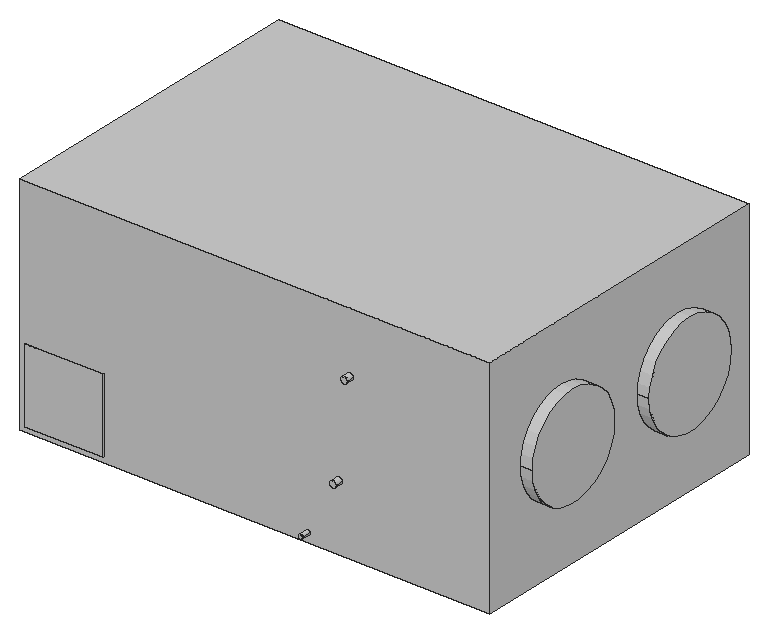
Revit family "BLAUBERG-KOMFORT_EC_DBW_3000", category Mechanical Equipment, Revit 2019
Family settings
  Round Connector Dimension = Use Diameter
  Classification = None
  Part Type = Normal
  OmniClass Number = 23.75.35.14
  OmniClass Title = Air Handling Units
  Work Plane-Based = No
  Always vertical = Yes
  Cut with Voids When Loaded = No
  Shared = No
  Room Calculation Point = No
Parameters (values of type "KOMFORT EC DBW 3000 S21")
  Weight = 268.00 kg
  Plastic Material = Polypropylene Black
  LDrainCon1 = 710 mm
  HeaterSupplyConL = 589 mm
  HeaterSupplyConH = 290 mm
  HeaterReturnConL = 546 mm
  HeaterReturnConH = 590 mm
  Maximum Unit Power = 2226 W
  Maximum Unit Current = 3.5 A
  Heater Pressure Drop [instance] = 0.0 Pa
  Heater Power [instance] = 0 W
  Heater Flow [instance] = 0.0 L/s
  Heater Connection Diameter = 25 mm
  Heat Exchanger Material = "aluminium"
  LDuctCon = 50 mm  # constant formula
  HandleL2 = 509 mm
  HandleL1 = 408 mm
  HandleB = 100 mm
  HDrainCon = 36 mm
  H = 881 mm
  DrainPipe = yes
  DrainD = if(Drain Connection Diameter = 0 mm, 1 mm, Drain Connection Diameter)  # 16 mm
  Drain Flow [instance] = 0.0 L/s
  Drain Connection Diameter = 16 mm
  LDrainCon = 35 mm
  DPS_H = 123 mm
  DPS_B2 = 450 mm
  DPS_B1 = 460 mm
  Bottom Maintenance Zone Height = 600 mm
  B2 = 347 mm
  Air Flow Factor [instance] = 1  # constant formula
  B1 = 347 mm
  Air Flow Exhaust [instance] = 0 m³/h
  L = 1835 mm
  Voltage = 400 V
  URL = "https://blaubergventilatoren.de/en/product/komfort-ec-dbw-3000-s21"
  Type Comments = "Air Handling Unit KOMFORT EC DBW 3000 S21"
  Transported Air Temperature (°C) = "-25…+40"
  Supply Air Filter = "G4"
  Sound Pressure Level at 3 m (dBA) = 46
  SEC Class = "NRVU"
  RPM (min-1) = 3400
  Power Factor = 1
  Power = Maximum Unit Power  # 2226 W
  Number of Poles = 3
  Model = "KOMFORT EC DBW 3000 S21"
  Maximum Air Flow = 4300 m³/h
  Manufacturer = "Blauberg"
  Maintenance Zone Material = Maintenance Zone
  Side Maintenance Zone Height = 850 mm
  Maintenance Zone [instance] = no
  Load Classification = HVAC
  B = 1265 mm
  Heat recovery efficiency (%) = "59..72"
  Heat Exchanger Type = "cross-flow"
  H1 = 427 mm
  Family Version = "1.0"  # constant formula
  Extract Air Filter = "G4"
  Duct Connection Diameter = 400 mm
  Description = "Air Handling Unit"
  D = Duct Connection Diameter  # 400 mm
  Current = Maximum Unit Current  # 3.5 A
  Copyright = "©Blauberg"
  Casing Material = Metal Zinc
  Apparent Power [instance] = Power / Power Factor  # 2226 VA
  Air Flow Supply [instance] = 0 m³/h
Reference planes
  plane 1 "Center (Front/Back)": y = 0
  plane 2: z = 0
  plane 3 "Center (Left/Right)": x = 0
  plane 4 "Back": y = 632.5
  plane 5 "Front": y = -632.5
  plane 6 "L": x = -917.5
  plane 7 "R": x = 917.5
  plane 8 "DuctConB2": y = 285.5
  plane 9 "DuctConB1": y = -285.5
  plane 10: x = -967.5
  plane 11: x = 967.5
  plane 12 "Top": z = 427
  plane 13 "Bottom": z = -454
  plane 14 "DrainConH": z = -418
  plane 15 "DrainConL2": x = 207.5
  plane 16 "S": y = -667.5
  plane 17 "DPS_H": z = -331
  plane 18: y = 667.5
  plane 19 "DPSB1": y = 172.5
  plane 20 "DPSB2": y = -182.5
  plane 21: x = -897.5
  plane 22: x = -592.5
  plane 23: z = -434
  plane 24: z = -144
  plane 25 "HandleL1": x = -509.5
  plane 26 "HandleL2": x = 408.5
  plane 27 "HandleB": y = -532.5
  plane 28 "HeaterSupplyConL": x = 328.5
  plane 29 "HeaterReturnConL": x = 371.5
  plane 30 "HeaterReturnConH": z = 185.265
  plane 31 "HeaterSupplyConH": z = -194.735
Forms (mm)
  Extrusion 1, solid, material "Metal Zinc" <- "Casing Material", detail levels medium+fine
    sketch origin (0, 0, 0) x (1, 0, 0) y (0, 1, 0)
      loop
        line (-917.5, 632.5) -> (-917.5, -632.5) -> (917.5, -632.5) -> (917.5, 632.5) -> (-917.5, 632.5)
    from -454 to 427
  Extrusion 2, solid, material "Metal Zinc" <- "Casing Material", detail levels medium+fine
    sketch origin (-917.5, 0, 0) x (0, 1, 0) y (0, 0, 1)
      loop
        circle (285.5, 0) r 200
      loop
        circle (-285.5, 0) r 200
    from 0 to -50
  Extrusion 3, solid, material "Metal Zinc" <- "Casing Material", detail levels medium+fine
    sketch origin (917.5, 0, 0) x (0, 1, 0) y (0, 0, 1)
      loop
        circle (285.5, 0) r 200
      loop
        circle (-285.5, 0) r 200
    from 0 to 50
  Extrusion 4, solid, material "Metal Zinc" <- "Casing Material", visible <- "DrainPipe", detail levels medium+fine
    sketch origin (0, -632.5, 0) x (-1, 0, 0) y (0, 0, 1)
      loop
        circle (-207.5, -418) r 8
    from 0 to -35
  Extrusion 5, solid, material "Metal Zinc" <- "Casing Material", visible <- "DrainPipe", detail levels medium+fine
    sketch origin (0, 632.5, 0) x (-1, 0, 0) y (0, 0, 1)
      loop
        circle (-207.5, -418) r 8
    from 0 to 35
  Extrusion 6, solid, material "Metal Zinc" <- "Casing Material", detail levels medium+fine
    sketch origin (0, -632.5, 0) x (-1, 0, 0) y (0, 0, 1)
      loop
        line (897.5, -144) -> (592.5, -144) -> (592.5, -434) -> (897.5, -434) -> (897.5, -144)
    from 0 to -2
  Extrusion 7, solid, material "Metal Zinc" <- "Casing Material", detail levels medium+fine
    sketch origin (-917.5, 0, 0) x (0, 1, 0) y (0, 0, 1)
      loop
        circle (-587.5, -364) r 10
    from 0 to -2
  Extrusion 8, solid, material "Metal Zinc" <- "Casing Material", detail levels medium+fine
    sketch origin (0, -632.5, 0) x (-1, 0, 0) y (0, 0, 1)
      loop
        circle (-371.5, 185.265) r 12.5
      loop
        circle (-328.5, -194.735) r 12.5
    from 0 to -28
Lines and regions (mm)
  model lines, detail levels coarse
    curve 1: line (-917.5, 632.5, 0) -> (917.5, 632.5, 0)
    curve 2: line (-917.5, -632.5, 0) -> (-917.5, 632.5, 0)
    curve 3: line (917.5, -632.5, 0) -> (-917.5, -632.5, 0)
    curve 4: line (917.5, 632.5, 0) -> (917.5, -632.5, 0)
    curve 5: line (-917.5, 285.5, 0) -> (-967.5, 285.5, 0)
    curve 6: line (-917.5, -285.5, 0) -> (-967.5, -285.5, 0)
    curve 7: line (917.5, -285.5, 0) -> (967.5, -285.5, 0)
    curve 8: line (917.5, 285.5, 0) -> (967.5, 285.5, 0)
Dimensions and locks
  equal spacing: plane 6 "L", plane 3 "Center (Left/Right)", plane 7 "R"
  "L": plane 6 "L" to plane 7 "R"
  equal spacing: plane 4 "Back", plane 1 "Center (Front/Back)", plane 5 "Front"
  "B": plane 4 "Back" to plane 5 "Front"
  "B1": plane 4 "Back" to plane 8 "DuctConB2"
  "B2": plane 9 "DuctConB1" to plane 5 "Front"
  "LDuctCon": plane 10 to plane 6 "L"
  "LDuctCon": plane 7 "R" to plane 11
  "H1": plane 12 "Top" to level
  "H": plane 12 "Top" to plane 13 "Bottom"
  "HDrainCon": plane 14 "DrainConH" to plane 13 "Bottom"
  "LDrainCon1": plane 15 "DrainConL2" to plane 7 "R"
  "LDrainCon": plane 5 "Front" to plane 16 "S"
  "LDrainCon": plane 18 to plane 4 "Back"
  locked: plane 21 to plane 6 "L" at 20
  locked: plane 23 to plane 13 "Bottom" at 20
  locked: plane 22 to plane 21 at 305
  locked: plane 24 to plane 23 at 290
  locked: Extrusion 7 sketch curve to plane 13 "Bottom" at 90
  locked: Extrusion 7 sketch curve to plane 5 "Front" at 45
  "HandleL1": plane 6 "L" to plane 25 "HandleL1"
  "HandleL2": plane 26 "HandleL2" to plane 7 "R"
  "HandleB": plane 27 "HandleB" to plane 5 "Front"
  "DPS_B1": plane 4 "Back" to plane 19 "DPSB1"
  "DPS_B2": plane 20 "DPSB2" to plane 5 "Front"
  "DPS_H": plane 17 "DPS_H" to plane 13 "Bottom"
  "HeaterReturnConL": plane 29 "HeaterReturnConL" to plane 7 "R"
  "HeaterSupplyConL": plane 28 "HeaterSupplyConL" to plane 7 "R"
  "D": diameter of Extrusion 2 sketch curve  (x2)
  "D": diameter of Extrusion 3 sketch curve  (x2)
  "DrainD": diameter of Extrusion 4 sketch curve
  "DrainD": diameter of Extrusion 5 sketch curve
  "Heater Connection Diameter": diameter of Extrusion 8 sketch curve  (x2)
  aligned and locked: level to plane 2
  aligned and locked: Extrusion 1 sketch curve to plane 4 "Back"
  aligned and locked: plane 6 "L" to Extrusion 1 sketch curve
  aligned and locked: plane 5 "Front" to Extrusion 1 sketch curve
  aligned and locked: Extrusion 1 sketch curve to plane 7 "R"
  aligned and locked: plane 12 "Top" to Extrusion 1
  aligned and locked: Extrusion 1 to plane 13 "Bottom"
  aligned and locked: plane 11 to Extrusion 3
  aligned and locked: Extrusion 2 to plane 10
  aligned and locked: Extrusion 4 to plane 16 "S"
  aligned and locked: curve 3 to Extrusion 1
  aligned and locked: curve 4 to Extrusion 1
  aligned and locked: plane 10 to curve 5
  aligned and locked: plane 6 "L" to curve 5
  aligned and locked: plane 8 "DuctConB2" to curve 5
  aligned and locked: plane 10 to curve 6
  aligned and locked: plane 6 "L" to curve 6
  aligned and locked: plane 9 "DuctConB1" to curve 6
  aligned and locked: plane 11 to curve 7
  aligned and locked: plane 7 "R" to curve 7
  aligned and locked: curve 7 to plane 9 "DuctConB1"
  aligned and locked: plane 11 to curve 8
  aligned and locked: curve 8 to plane 8 "DuctConB2"
  aligned and locked: plane 18 to Extrusion 5
  aligned and locked: Extrusion 6 sketch curve to plane 24
  aligned and locked: Extrusion 6 sketch curve to plane 21
  aligned and locked: Extrusion 6 sketch curve to plane 22
  aligned and locked: plane 23 to Extrusion 6 sketch curve
  aligned and locked: plane 3 "Center (Left/Right)" to nested 1
  aligned and locked: nested 1 to plane 5 "Front"
  aligned and locked: plane 13 "Bottom" to nested 1
  aligned and locked: plane 3 "Center (Left/Right)" to nested 2
  aligned and locked: nested 2 to plane 13 "Bottom"
  aligned and locked: nested 2 to plane 4 "Back"
  aligned and locked: plane 25 "HandleL1" to nested 3
  aligned and locked: nested 3 to plane 27 "HandleB"
  aligned and locked: nested 4 to plane 27 "HandleB"
  aligned and locked: plane 26 "HandleL2" to nested 4
  aligned and locked: plane 19 "DPSB1" to nested 5
  aligned and locked: plane 20 "DPSB2" to nested 6
  aligned and locked: plane 17 "DPS_H" to nested 5
  aligned and locked: plane 17 "DPS_H" to nested 6
Automatic sketch dimensions
  curve 2 to plane 4 "Back" = 0 mm
  Extrusion 2 sketch curve to level = 0 mm  (x2)
  Extrusion 2 sketch curve to plane 9 "DuctConB1" = 0 mm
  Extrusion 2 sketch curve to plane 8 "DuctConB2" = 0 mm
  Extrusion 3 sketch curve to level = 0 mm  (x2)
  Extrusion 3 sketch curve to plane 9 "DuctConB1" = 0 mm
  Extrusion 3 sketch curve to plane 8 "DuctConB2" = 0 mm
  Extrusion 4 sketch curve to plane 14 "DrainConH" = 0 mm
  Extrusion 4 sketch curve to plane 15 "DrainConL2" = 0 mm
  Extrusion 5 sketch curve to plane 14 "DrainConH" = 0 mm
  Extrusion 5 sketch curve to plane 15 "DrainConL2" = 0 mm
  Extrusion 8 sketch curve to plane 29 "HeaterReturnConL" = 0 mm
  Extrusion 8 sketch curve to plane 28 "HeaterSupplyConL" = 0 mm
  Extrusion 8 sketch curve to plane 31 "HeaterSupplyConH" = 0 mm
  Extrusion 8 sketch curve to plane 30 "HeaterReturnConH" = 0 mm
  radius of Extrusion 7 sketch curve = 10 mm
Nested families
  nested 1: "MaintenanceZone_Rect" at (0, -1057.5, 427), visible <- "Maintenance Zone", type "Side", detail levels medium+fine
    with Maintenance Zone Width 850 mm, Maintenance Zone Length 1835 mm, Maintenance Zone Height 881 mm
  nested 2: "MaintenanceZone_Rect" at (0, -632.5, -754) x (1, 0, 0) z (0, -1, 0), visible <- "Maintenance Zone", type "Bottom", detail levels medium+fine
    with Maintenance Zone Width 600 mm, Maintenance Zone Length 1835 mm, Maintenance Zone Height 1265 mm
  nested 3: "Handle" at (-509.5, -532.5, -454) x (1, 0, 0) z (0, 0, -1), type "Handle", detail levels medium+fine
  nested 4: "Handle" at (408.5, -532.5, -454) x (1, 0, 0) z (0, 0, -1), type "Handle", detail levels medium+fine
  nested 5: "DPS" at (-917.5, 172.5, -331) x (0, 0, 1) z (-1, 0, 0), type "DPS", detail levels medium+fine
  nested 6: "DPS" at (-917.5, -182.5, -331) x (0, 0, 1) z (-1, 0, 0), type "DPS", detail levels medium+fine
Connectors
  hvac at (967.5, -285.5, 0), driven by "Duct Connection Diameter", driven by "Air Flow Supply"
    settings: on Extrusion 3, index 2, duct flow 0 m³/h, flow factor 0, pres drop 0.0 Pa, loss coef 0, conn angle 0.00°, conn width 304.8 mm, conn height 304.8 mm, conn diameter 400 mm, duct sys type 1, conn prof type 0, flow config 0, flow direction 2, loss method 0, conn ref index -1, conn util no, is conn primary yes, conn desc "Supply Air"
  hvac at (967.5, 285.5, 0), driven by "Duct Connection Diameter", driven by "Air Flow Exhaust"
    settings: on Extrusion 3, index 3, duct flow 0 m³/h, flow factor 0, pres drop 0.0 Pa, loss coef 0, conn angle 0.00°, conn width 304.8 mm, conn height 304.8 mm, conn diameter 400 mm, duct sys type 3, conn prof type 0, flow config 0, flow direction 1, loss method 0, conn ref index -1, conn util no, is conn primary no, conn desc "Extract Air"
  hvac at (-967.5, 285.5, 0), driven by "Duct Connection Diameter", driven by "Air Flow Supply"
    settings: on Extrusion 2, index 4, duct flow 0 m³/h, flow factor 0, pres drop 0.0 Pa, loss coef 0, conn angle 0.00°, conn width 304.8 mm, conn height 304.8 mm, conn diameter 400 mm, duct sys type 1, conn prof type 0, flow config 1, flow direction 1, loss method 0, conn ref index -1, conn util no, is conn primary no, conn desc "Intake Air"
  hvac at (-967.5, -285.5, 0), driven by "Duct Connection Diameter", driven by "Air Flow Exhaust"
    settings: on Extrusion 2, index 5, duct flow 0 m³/h, flow factor 0, pres drop 0.0 Pa, loss coef 0, conn angle 0.00°, conn width 304.8 mm, conn height 304.8 mm, conn diameter 400 mm, duct sys type 3, conn prof type 0, flow config 1, flow direction 2, loss method 0, conn ref index -1, conn util no, is conn primary no, conn desc "Exhaust Air"
  piping at (207.5, -667.5, -418), diameter 16, driven by "Drain Connection Diameter", driven by "Drain Flow"
    settings: on Extrusion 4, index 7, connector inside diameter 609.6 mm, connector length 0 mm, flow factor 0, pipe flow 0.0 L/s, pressure drop 0.0 Pa, fitting loss kfactor 0, connector angle 0.00°, fixture units 0, engagement length 0 mm, angle of deflection 0.00°, flow configuration 1, flow direction 2, fitting loss method 0, system type 16, joint type 0, gender type 0, connector reference index -1, connector utility 0, adjustable connector no, is connector primary yes, connector description "Drain"
  piping at (207.5, 667.5, -418), diameter 16, driven by "Drain Connection Diameter", driven by "Drain Flow"
    settings: on Extrusion 5, index 8, connector inside diameter 609.6 mm, connector length 0 mm, flow factor 0, pipe flow 0.0 L/s, pressure drop 0.0 Pa, fitting loss kfactor 0, connector angle 0.00°, fixture units 0, engagement length 0 mm, angle of deflection 0.00°, flow configuration 1, flow direction 2, fitting loss method 0, system type 16, joint type 0, gender type 0, connector reference index -1, connector utility 0, adjustable connector no, is connector primary no, connector description ""
  electrical at (-919.5, -587.5, -364), driven by "Number of Poles", driven by "Load Classification", driven by "Voltage", driven by "Apparent Power", driven by "Power Factor"
    settings: on Extrusion 7, index 9, voltage 400 V, apparent load 2226 VA, apparent load phase1 0 VA, apparent load phase2 0 VA, apparent load phase3 0 VA, power factor 1, load classification "HVAC", number of poles 3, system type 30, power factor state 1, is connector primary yes, connector utility no, sub classification motor no, connector description ""
  piping at (371.5, -660.5, 185.265), diameter 25, driven by "Heater Connection Diameter", driven by "Heater Flow", driven by "Heater Pressure Drop"
    settings: on Extrusion 8, index 10, connector inside diameter 609.6 mm, connector length 0 mm, flow factor 0, pipe flow 0.0 L/s, pressure drop 0.0 Pa, fitting loss kfactor 0, connector angle 0.00°, fixture units 0, engagement length 0 mm, angle of deflection 0.00°, flow configuration 1, flow direction 2, fitting loss method 4, system type 8, joint type 0, gender type 0, connector reference index -1, connector utility 0, adjustable connector no, is connector primary no, connector description "Water outlet"
  piping at (328.5, -660.5, -194.735), diameter 25, driven by "Heater Connection Diameter", driven by "Heater Flow", driven by "Heater Pressure Drop"
    settings: on Extrusion 8, index 11, connector inside diameter 609.6 mm, connector length 0 mm, flow factor 0, pipe flow 0.0 L/s, pressure drop 0.0 Pa, fitting loss kfactor 0, connector angle 0.00°, fixture units 0, engagement length 0 mm, angle of deflection 0.00°, flow configuration 1, flow direction 1, fitting loss method 4, system type 7, joint type 0, gender type 0, connector reference index -1, connector utility 0, adjustable connector no, is connector primary no, connector description "Water inlet"
Definition of nested family "MaintenanceZone_Rect"
  Parameters (values of type "MaintenanceZone_Rect")
    Maintenance Zone Width = 500 mm
    Material = none
    Maintenance Zone Length = 1000 mm
    Maintenance Zone Height = 300 mm
    Family Version = ""
    Default Elevation = 1219.2 mm
    Copyright = ""
  Reference planes
    plane 1 "Center (Front/Back)": y = 0
    plane 2: z = 0
    plane 3 "Center (Left/Right)": x = 0
    plane 4: x = -500
    plane 5: x = 500
    plane 6: y = 250
    plane 7: y = -250
    plane 8: z = -300
  Forms (mm)
    Extrusion 1, solid, material <- "Material", detail levels medium+fine
      sketch origin (0, 0, 0) x (1, 0, 0) y (0, 1, 0)
        loop
          line (-500, 250) -> (-500, -250) -> (500, -250) -> (500, 250) -> (-500, 250)
      from 0 to -300
  Lines and regions (mm)
    symbolic lines, detail levels medium+fine
      curve 1: line (-500, 0, 0) -> (500, 0, 0)
      curve 2: line (-500, 0, -300) -> (-500, 0, 0)
      curve 3: line (500, 0, -300) -> (-500, 0, -300)
      curve 4: line (500, 0, 0) -> (500, 0, -300)
      curve 5: line (0, 250, 0) -> (0, -250, 0)
      curve 6: line (0, 250, -300) -> (0, 250, 0)
      curve 7: line (0, -250, -300) -> (0, 250, -300)
      curve 8: line (0, -250, 0) -> (0, -250, -300)
      curve 9: line (-500, 250, 0) -> (500, 250, 0)
      curve 10: line (-500, -250, 0) -> (-500, 250, 0)
      curve 11: line (500, -250, 0) -> (-500, -250, 0)
      curve 12: line (500, 250, 0) -> (500, -250, 0)
  Dimensions and locks
    equal spacing: plane 6, plane 1 "Center (Front/Back)", plane 7
    equal spacing: plane 4, plane 3 "Center (Left/Right)", plane 5
    "Maintenance Zone Width": plane 6 to plane 7
    "Maintenance Zone Length": plane 4 to plane 5
    "Maintenance Zone Height": plane 2 to plane 8
    aligned and locked: level to plane 2
    aligned and locked: Extrusion 1 sketch curve to plane 6
    aligned and locked: plane 4 to Extrusion 1 sketch curve
    aligned and locked: plane 7 to Extrusion 1 sketch curve
    aligned and locked: Extrusion 1 sketch curve to plane 5
    aligned and locked: Extrusion 1 to plane 8
    aligned and locked: curve 1 to Extrusion 1
    aligned and locked: curve 2 to Extrusion 1
    aligned and locked: curve 3 to Extrusion 1
    aligned and locked: curve 4 to Extrusion 1
    aligned and locked: curve 5 to Extrusion 1
    aligned and locked: curve 6 to Extrusion 1
    aligned and locked: curve 7 to Extrusion 1
    aligned and locked: curve 8 to Extrusion 1
    aligned and locked: curve 9 to Extrusion 1
    aligned and locked: curve 10 to Extrusion 1
    aligned and locked: curve 11 to Extrusion 1
    aligned and locked: curve 12 to Extrusion 1
Definition of nested family "Handle"
  Parameters (values of type "Handle")
    W = 24 mm
    Material = none
    L1 = 98 mm
    L = 145 mm
    H = 40 mm
    Default Elevation = 1219.2 mm
  Reference planes
    plane 1 "Center (Front/Back)": y = 0
    plane 2: z = 0
    plane 3 "Center (Left/Right)": x = 0
    plane 4: x = -72.5
    plane 5: x = 72.5
    plane 6: y = 12
    plane 7 "bottom": y = -12
    plane 8: x = -49
    plane 9: x = 49
    plane 10: z = 40
    plane 11: z = 26
  Forms (mm)
    Extrusion 1, solid, material <- "Material"
      sketch origin (0, 0, 0) x (1, 0, 0) y (0, 0, 1)
        loop
          line (-72.5, 0) -> (-41, 0) -> (-41, 16.533)
          arc (-41, 16.533) -> (-39.762, 20.813) -> (-36.43, 23.771) r 8.016
          arc (-36.43, 23.771) -> (0.006, 32) -> (36.44, 23.766) r 84.75
          arc (36.44, 23.766) -> (39.765, 20.814) -> (41, 16.543) r 8
          line (41, 16.543) -> (41, 0) -> (72.5, 0) -> (72.5, 7.018) -> (49, 7.018) -> (49, 21.445)
          arc (49, 21.445) -> (47.896, 25.489) -> (44.892, 28.412) r 7.962
          arc (44.892, 28.412) -> (0.015, 40) -> (-44.865, 28.427) r 92.75
          arc (-44.865, 28.427) -> (-47.889, 25.486) -> (-49, 21.417) r 8.01
          line (-49, 21.417) -> (-49, 7.018) -> (-72.5, 7.018) -> (-72.5, 0)
      from -12 to 12
  Dimensions and locks
    equal spacing: plane 5, plane 3 "Center (Left/Right)", plane 4
    "L": plane 5 to plane 4
    equal spacing: plane 9, plane 3 "Center (Left/Right)", plane 8
    "L1": plane 9 to plane 8
    "H": plane 10 to level
    plane 11 to level = 26 mm
    "W": plane 6 to plane 7 "bottom"
    equal spacing: plane 6, plane 1 "Center (Front/Back)", plane 7 "bottom"
    aligned and locked: level to plane 2
    aligned and locked: plane 6 to Extrusion 1
    aligned and locked: Extrusion 1 to plane 7 "bottom"
  Automatic sketch dimensions
    Extrusion 1 sketch curve to Extrusion 1 sketch curve = 0 mm  (x4)
    Extrusion 1 sketch curve to level = 0 mm  (x2)
    Extrusion 1 sketch curve to plane 4 = 0 mm
    Extrusion 1 sketch curve to plane 8 = 0 mm
    Extrusion 1 sketch curve to plane 3 "Center (Left/Right)" = 0 mm
    Extrusion 1 sketch curve to plane 9 = 0 mm
    Extrusion 1 sketch curve to plane 5 = 0 mm
    plane 8 to Extrusion 1 sketch curve = 8 mm
    Extrusion 1 sketch curve to Extrusion 1 sketch curve = 0.01 mm
    Extrusion 1 sketch curve to Extrusion 1 sketch curve = 8.016 mm
    Extrusion 1 sketch curve to plane 9 = 16 mm
    Extrusion 1 sketch curve to plane 9 = 8 mm
    Extrusion 1 sketch curve to Extrusion 1 sketch curve = 0.038 mm
    Extrusion 1 sketch curve to level = 52.75 mm
    level to Extrusion 1 sketch curve = 7.018 mm  (x2)
    Extrusion 1 sketch curve to plane 11 = 9.467 mm
    Extrusion 1 sketch curve to plane 11 = 9.457 mm
    Extrusion 1 sketch curve to plane 11 = 4.583 mm
    Extrusion 1 sketch curve to plane 11 = 4.555 mm
Definition of nested family "DPS"
  Parameters (values of type "DPS")
    W1 = 65 mm
    Thikness = 2 mm
    Material = none
    H1 = 47 mm
    Default Elevation = 1219.2 mm
  Reference planes
    plane 1 "Center (Front/Back)": y = 0
    plane 2: z = 0
    plane 3 "Center (Left/Right)": x = 0
    plane 4: z = 47
    plane 5: z = 51.5
    plane 6: z = 75.5
    plane 7: z = 78
    plane 8: z = 92
    plane 9: z = 86
    plane 10: x = -32.5
    plane 11: x = 32.5
    plane 12 "1": y = 50
    plane 13: y = 48
    plane 14: z = 45
    plane 15 "2": y = -22
    plane 16: z = 64
  Forms (mm)
    Revolve 1, solid, material <- "Material"
      sketch origin (0, 0, 0) x (1, 0, 0) y (0, 0, 1)
        loop
          line (-40.5, 47) -> (0, 47) -> (0, 92) -> (-31, 92) -> (-35, 86) -> (-35, 78) -> (-37.309, 78) -> (-37.309, 75.5) -> (-36, 75.5) -> (-36, 51.5) -> (-40.5, 51.5) -> (-40.5, 47)
        axis (0, 92) -> (0, 47)
      angle from 0 to 360
    Extrusion 2, solid, material <- "Material"
      sketch origin (0, 0, 0) x (0, 1, 0) y (0, 0, 1)
        loop
          line (50, 0) -> (50, 47) -> (0, 47) -> (0, 45) -> (48, 45) -> (48, 0) -> (50, 0)
      from -32.5 to 32.5
    Extrusion 3, solid, material <- "Material"
      sketch origin (0, 0, 0) x (0, 1, 0) y (0, 0, 1)
        loop
          circle (-22, 64) r 10
      from 0 to 50
  Cuts and joins
    joined: Revolve 1, Extrusion 3
  Dimensions and locks
    locked: plane 5 to plane 4 at 4.5
    locked: plane 6 to plane 5 at 24
    locked: plane 7 to plane 6 at 2.5
    locked: plane 8 to plane 9 at 6
    locked: plane 9 to plane 7 at 8
    "H1": plane 4 to level
    equal spacing: plane 11, plane 3 "Center (Left/Right)", plane 10
    "W1": plane 11 to plane 10
    "Thikness": plane 4 to plane 14
    "Thikness": plane 12 "1" to plane 13
    locked: plane 1 "Center (Front/Back)" to plane 12 "1" at 50
    locked: plane 15 "2" to plane 1 "Center (Front/Back)" at 22
    plane 16 to plane 4 = 17 mm
    aligned and locked: level to plane 2
    aligned and locked: Revolve 1 sketch curve to plane 3 "Center (Left/Right)"  (x2)
    aligned and locked: plane 6 to Revolve 1 sketch curve
    aligned and locked: plane 7 to Revolve 1 sketch curve
    aligned and locked: plane 5 to Revolve 1 sketch curve
    aligned and locked: plane 8 to Revolve 1 sketch curve
    aligned and locked: Extrusion 2 sketch curve to plane 13
    aligned and locked: plane 14 to Extrusion 2 sketch curve
    aligned and locked: Extrusion 2 sketch curve to plane 1 "Center (Front/Back)"
    aligned and locked: Extrusion 2 to plane 10
    aligned and locked: plane 11 to Extrusion 2
  Automatic sketch dimensions
    Revolve 1 sketch curve to plane 4 = 0 mm
    Revolve 1 sketch curve to plane 9 = 0 mm
    Revolve 1 sketch curve to plane 3 "Center (Left/Right)" = 31 mm
    Revolve 1 sketch curve to Revolve 1 sketch curve = 4 mm
    Revolve 1 sketch curve to Revolve 1 sketch curve = 1 mm
    Revolve 1 sketch curve to Revolve 1 sketch curve = 1.309 mm
    Revolve 1 sketch curve to Revolve 1 sketch curve = 4.5 mm
    Revolve 1 sketch curve to Revolve 1 sketch curve = 27.818 mm
    Revolve 1 sketch curve to Revolve 1 sketch curve = 2.182 mm
    Extrusion 2 sketch curve to level = 0 mm
    Extrusion 2 sketch curve to plane 12 "1" = 0 mm
    Extrusion 2 sketch curve to plane 4 = 0 mm
    Extrusion 3 sketch curve to plane 15 "2" = 0 mm
    Extrusion 3 sketch curve to plane 16 = 0 mm
    radius of Extrusion 3 sketch curve = 10 mm
